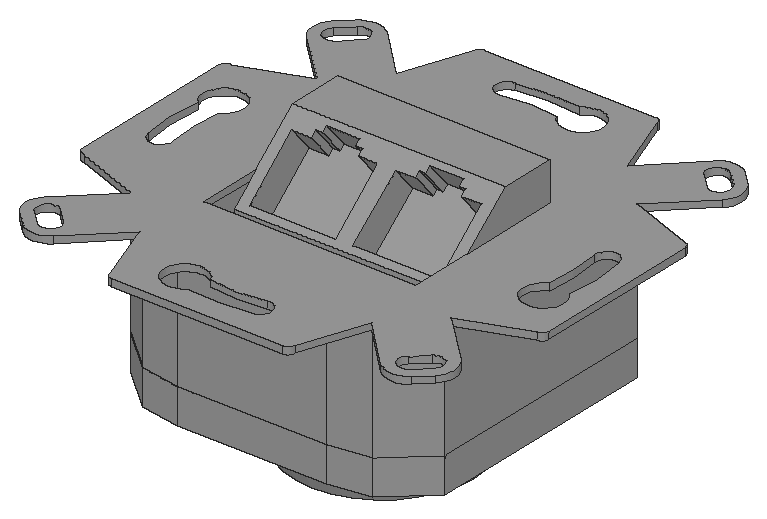
Revit family "2CKA000230A0411", category Electrical Fixtures, host Face, Revit 2014
Parameters
  White = White
  Default Elevation = 1219.2 mm
Reference planes
  plane 1 "Center (Front/Back)": y = 0
  plane 2: z = 0
  plane 3 "Center (Left/Right)": x = 0
Forms (mm)
  Extrusion 1, solid, material "White" <- "White", detail levels fine
    sketch origin (0, 0, 0) x (1, 0, 0) y (0, 1, 0)
      loop
        line (-13.85, 34.1) -> (-17.486, 24.133) -> (-24.677, 31.323)
        arc (-24.677, 31.323) -> (-27.01, 32.29) -> (-29.344, 31.323) r 3.3
        line (-29.344, 31.323) -> (-31.323, 29.344)
        arc (-31.323, 29.344) -> (-32.29, 27.01) -> (-31.323, 24.677) r 3.3
        line (-31.323, 24.677) -> (-24.136, 17.489) -> (-34.132, 13.851)
        arc (-34.132, 13.851) -> (-34.834, 13.56) -> (-35.125, 12.858) r 0.993
        line (-35.125, 12.858) -> (-35.125, -12.858)
        arc (-35.125, -12.858) -> (-34.834, -13.56) -> (-34.132, -13.851) r 0.993
        line (-34.132, -13.851) -> (-24.136, -17.489) -> (-31.323, -24.677)
        arc (-31.323, -24.677) -> (-32.29, -27.01) -> (-31.323, -29.344) r 3.3
        line (-31.323, -29.344) -> (-29.344, -31.323)
        arc (-29.344, -31.323) -> (-27.01, -32.29) -> (-24.677, -31.323) r 3.3
        line (-24.677, -31.323) -> (-17.486, -24.133) -> (-13.85, -34.1)
        arc (-13.85, -34.1) -> (-13.557, -34.807) -> (-12.85, -35.1) r 1
        line (-12.85, -35.1) -> (12.85, -35.1)
        arc (12.85, -35.1) -> (13.557, -34.807) -> (13.85, -34.1) r 1
        line (13.85, -34.1) -> (17.486, -24.133) -> (24.677, -31.323)
        arc (24.677, -31.323) -> (27.01, -32.29) -> (29.344, -31.323) r 3.3
        line (29.344, -31.323) -> (31.323, -29.344)
        arc (31.323, -29.344) -> (32.29, -27.01) -> (31.323, -24.677) r 3.3
        line (31.323, -24.677) -> (24.136, -17.489) -> (34.132, -13.851)
        arc (34.132, -13.851) -> (34.834, -13.56) -> (35.125, -12.858) r 0.993
        line (35.125, -12.858) -> (35.125, 12.858)
        arc (35.125, 12.858) -> (34.834, 13.56) -> (34.132, 13.851) r 0.993
        line (34.132, 13.851) -> (24.145, 17.486) -> (31.323, 24.677)
        arc (31.323, 24.677) -> (32.29, 27.01) -> (31.323, 29.344) r 3.3
        line (31.323, 29.344) -> (29.344, 31.323)
        arc (29.344, 31.323) -> (27.01, 32.29) -> (24.677, 31.323) r 3.3
        line (24.677, 31.323) -> (17.486, 24.133) -> (13.85, 34.1)
        arc (13.85, 34.1) -> (13.557, 34.807) -> (12.85, 35.1) r 1
        line (12.85, 35.1) -> (-12.85, 35.1)
        arc (-12.85, 35.1) -> (-13.557, 34.807) -> (-13.85, 34.1) r 1
      loop
        arc (28.141, 30.121) -> (25.879, 30.121) -> (25.879, 27.859) r 1.6
        line (25.879, 27.859) -> (27.859, 25.879)
        arc (27.859, 25.879) -> (30.121, 25.879) -> (30.121, 28.141) r 1.6
        line (30.121, 28.141) -> (28.141, 30.121)
      loop
        arc (25.879, -27.859) -> (25.879, -30.121) -> (28.141, -30.121) r 1.6
        line (28.141, -30.121) -> (30.121, -28.141)
        arc (30.121, -28.141) -> (30.121, -25.879) -> (27.859, -25.879) r 1.6
        line (27.859, -25.879) -> (25.879, -27.859)
      loop
        arc (-27.859, -25.879) -> (-30.121, -25.879) -> (-30.121, -28.141) r 1.6
        line (-30.121, -28.141) -> (-28.141, -30.121)
        arc (-28.141, -30.121) -> (-25.879, -30.121) -> (-25.879, -27.859) r 1.6
        line (-25.879, -27.859) -> (-27.859, -25.879)
      loop
        line (-28.141, 30.121) -> (-30.121, 28.141)
        arc (-30.121, 28.141) -> (-30.121, 25.879) -> (-27.859, 25.879) r 1.6
        line (-27.859, 25.879) -> (-25.879, 27.859)
        arc (-25.879, 27.859) -> (-25.879, 30.121) -> (-28.141, 30.121) r 1.6
      loop
        arc (-31.331, -5.296) -> (-29.285, -6.75) -> (-27.83, -4.704) r 1.775
        arc (-27.83, -4.704) -> (-28.22, -0.521) -> (-27.985, 3.673) r 28.225
        arc (-27.985, 3.673) -> (-28.743, 9.564) -> (-31.483, 4.295) r 3.112
        arc (-31.483, 4.295) -> (-31.771, -0.506) -> (-31.331, -5.296) r 31.775
      loop
        arc (27.985, -3.673) -> (28.743, -9.564) -> (31.483, -4.295) r 3.112
        arc (31.483, -4.295) -> (31.771, 0.506) -> (31.331, 5.296) r 31.775
        arc (31.331, 5.296) -> (29.285, 6.75) -> (27.83, 4.704) r 1.775
        arc (27.83, 4.704) -> (28.22, 0.521) -> (27.985, -3.673) r 28.225
      loop
        arc (-5.296, 31.331) -> (-6.75, 29.285) -> (-4.704, 27.83) r 1.775
        arc (-4.704, 27.83) -> (-0.514, 28.22) -> (3.688, 27.983) r 28.225
        arc (3.688, 27.983) -> (9.552, 28.745) -> (4.31, 31.481) r 3.1
        arc (4.31, 31.481) -> (-0.499, 31.771) -> (-5.296, 31.331) r 31.775
      loop
        arc (-3.688, -27.983) -> (-9.552, -28.745) -> (-4.31, -31.481) r 3.1
        arc (-4.31, -31.481) -> (0.499, -31.771) -> (5.296, -31.331) r 31.775
        arc (5.296, -31.331) -> (6.75, -29.285) -> (4.704, -27.83) r 1.775
        arc (4.704, -27.83) -> (0.514, -28.22) -> (-3.688, -27.983) r 28.225
      loop
        line (-16, 11.298) -> (-16, -18.965) -> (16, -18.965) -> (16, 11.298) -> (-16, 11.298)
    from 0 to 1
  Extrusion 2, solid, material "White" <- "White", detail levels fine
    sketch origin (0, 0, 0) x (1, 0, 0) y (0, 1, 0)
      loop
        line (-23.7, 18.06) -> (-23.7, -18.06) -> (-17.276, -23.743) -> (-11.206, -24.705) -> (11.206, -24.705) -> (17.276, -23.743) -> (23.7, -18.06) -> (23.7, 18.06) -> (17.276, 23.743) -> (11.206, 24.705) -> (-11.206, 24.705) -> (-17.276, 23.743) -> (-23.7, 18.06)
    from -17.5 to -22.75
  SweptBlend 3, solid, material "White" <- "White", detail levels fine
    path origin (0, 0, 0) x (1, 0, 0) y (0, 0, 1)
      loop
        line (0, -22.75) -> (0, -32.08)
    profile origin (0, 0, -22.75) x (0, -1, 0) y (1, 0, 0)
      loop
        circle (0, 0) r 17.689
    end profile origin (0, 0, -32.08) x (0, -1, 0) y (1, 0, 0)
      loop
        circle (0, 0) r 13.512
  Extrusion 4, solid, material "White" <- "White", detail levels fine
    sketch origin (0, 0, 0) x (0, 1, 0) y (0, 0, 1)
      loop
        line (11.298, -17.5) -> (11.298, 6.9) -> (2.885, 6.9) -> (-8.181, -2.386) -> (-8.181, -6.8) -> (-9.619, -6.8) -> (-9.652, -5.16) -> (-13.965, 1) -> (-18.965, 1) -> (-18.965, -17.5) -> (11.298, -17.5)
    from -16 to 16
  Extrusion 5, solid, material "White" <- "White", detail levels fine
    sketch origin (0, 0, 0) x (1, 0, 0) y (0, 1, 0)
      loop
        line (-23.7, 18.06) -> (-23.7, -18.06) -> (-17.276, -23.743) -> (-11.206, -24.705) -> (11.206, -24.705) -> (17.276, -23.743) -> (23.7, -18.06) -> (23.7, 18.06) -> (17.276, 23.743) -> (11.206, 24.705) -> (-11.206, 24.705) -> (-17.276, 23.743) -> (-23.7, 18.06)
      loop
        line (-16, 11.298) -> (-16, -18.965) -> (16, -18.965) -> (16, 11.298) -> (-16, 11.298)
    from 0 to -22.75
  Extrusion 6, void
    sketch origin (0, 2.885, 6.9) x (0, -0.766044, -0.642788) y (1, 0, 0)
      loop
        line (13.446, -14.3) -> (13.446, -1.3) -> (3, -1.3) -> (3, -4.3) -> (2, -4.3) -> (2, -5.3) -> (1, -5.3) -> (1, -10.3) -> (2, -10.3) -> (2, -11.3) -> (3, -11.3) -> (3, -14.3) -> (13.446, -14.3)
    from -5 to 1
  Extrusion 7, void
    sketch origin (0, 2.885, 6.9) x (0, -0.766044, -0.642788) y (1, 0, 0)
      loop
        line (13.446, 14.3) -> (3, 14.3) -> (3, 11.3) -> (2, 11.3) -> (2, 10.3) -> (1, 10.3) -> (1, 5.3) -> (2, 5.3) -> (2, 4.3) -> (3, 4.3) -> (3, 1.3) -> (13.446, 1.3) -> (13.446, 14.3)
    from -5 to 1
  Extrusion 8, solid, material "White" <- "White", detail levels medium
    sketch origin (0, 0, 0) x (1, 0, 0) y (0, 1, 0)
      loop
        line (25.567, 35.1) -> (-25.567, 35.1) -> (-35.125, 25.542) -> (-35.125, -25.542) -> (-25.567, -35.1) -> (25.567, -35.1) -> (35.125, -25.542) -> (35.125, 25.542) -> (25.567, 35.1)
      loop
        line (-16, 11.298) -> (-16, -18.965) -> (16, -18.965) -> (16, 11.298) -> (-16, 11.298)
    from 0 to 1
  Extrusion 9, solid, material "White" <- "White", detail levels medium
    sketch origin (0, 0, 0) x (0, 1, 0) y (0, 0, 1)
      loop
        line (11.298, -17.5) -> (11.298, 6.9) -> (2.885, 6.9) -> (-8.181, -2.386) -> (-8.181, -6.8) -> (-9.619, -6.8) -> (-9.652, -5.16) -> (-13.965, 1) -> (-18.965, 1) -> (-18.965, -17.5) -> (11.298, -17.5)
    from -16 to 16
  Extrusion 10, solid, material "White" <- "White", detail levels medium
    sketch origin (0, 0, 0) x (1, 0, 0) y (0, 1, 0)
      loop
        line (23.7, 24.705) -> (-23.7, 24.705) -> (-23.7, -24.705) -> (23.7, -24.705) -> (23.7, 24.705)
    from -32.08 to -17.5
  Extrusion 11, solid, material "White" <- "White", detail levels medium
    sketch origin (0, 0, 0) x (1, 0, 0) y (0, 1, 0)
      loop
        line (23.7, 24.705) -> (-23.7, 24.705) -> (-23.7, -24.705) -> (23.7, -24.705) -> (23.7, 24.705)
      loop
        line (-16, 11.298) -> (-16, -18.965) -> (16, -18.965) -> (16, 11.298) -> (-16, 11.298)
    from 0 to -17.5
  Extrusion 12, solid, material "White" <- "White", detail levels coarse
    sketch origin (0, 0, 0) x (1, 0, 0) y (0, 1, 0)
      loop
        line (35.125, 35.1) -> (-35.125, 35.1) -> (-35.125, -35.1) -> (35.125, -35.1) -> (35.125, 35.1)
    from -32.08 to 6.9
Cuts and joins
  Extrusion 6, Extrusion 7 cuts Extrusion 4
  joined: Extrusion 1, Extrusion 2, SweptBlend 3, Extrusion 4
  joined: Extrusion 8, Extrusion 10, Extrusion 11
Dimensions and locks
  aligned and locked: plane 2 to host face
  aligned and locked: level to host face
Connectors
  electrical at (0, 0, -32.08)
    settings: on Extrusion 12, index 1, voltage 0 V, apparent load 0 VA, apparent load phase1 0 VA, apparent load phase2 0 VA, apparent load phase3 0 VA, power factor 1, load classification "Other", number of poles 1, system type 14, power factor state 1, is connector primary yes, connector utility no, sub classification motor no, connector description ""
